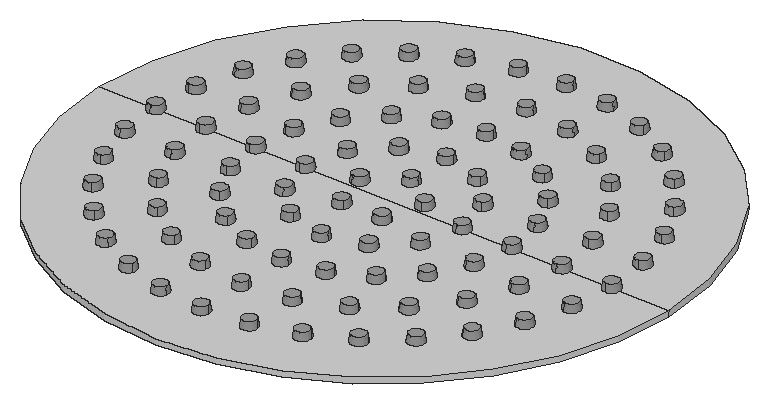
Revit family "Urbane II Rain Shower - 200mm Round", category Specialty Equipment, host Face, Revit 2019
Family settings
  Host = Face
  Round Connector Dimension = Use Radius
  Part Type = Normal
  OmniClass Number = 23.45.05.14.17
  OmniClass Title = Showers
  Cut with Voids When Loaded = No
  Shared = No
  Room Calculation Point = No
Parameters (values of type "Urbane II Rain Shower - 200mm Round - Chrome")
  URL = "https://www.caroma.com.au/"
  Model = "99663C4"
  Material_Spray = GWA-Plastic-General
  Material_Base = GWA_Metal-Chrome
  Manufacturer = "GWA Bathrooms & Kitchens"  # constant formula
  Description = "Urbane II Rain Shower - 200mm Round - Chrome"
  Default Elevation = 1000 mm
  CreatedBy_ANZRS = "GWA Bathrooms & Kitchens"  # constant formula
  Assembly Code = "D2010710"
Types (6, lengths in mm): name | Model | Material_Base | Description
  (no name) | "99663C4" | GWA_Metal-Chrome | "Urbane II Rain Shower - 200mm Round - Chrome"
  Urbane II Rain Shower - 200mm Round - Chrome | "99663C4" | GWA_Metal-Chrome | "Urbane II Rain Shower - 200mm Round - Chrome"
  Urbane II Rain Shower - 200mm Round - Matte Black | "99663B4" | GWA-Metal-Black | "Urbane II Rain Shower - 200mm Round - Matte Black"
  Urbane II Rain Shower - 200mm Round - Brushed Brass | "99663BB4" | GWA_Metal-Brushed-Brass | "Urbane II Rain Shower - 200mm Round - Brushed Brass"
  Urbane II Rain Shower - 200mm Round - Gunmetal | "99663GM4" | GWA-Metal-Gunmetal Grey | "Urbane II Rain Shower - 200mm Round - Gunmetal"
  Urbane II Rain Shower - 200mm Round - Brushed Nickel | "99663BN4" | GWA_Metal-Brushed-Nickel | "Urbane II Rain Shower - 200mm Round - Brushed Nickel"
Reference planes
  plane 1 "Center (Front/Back)": y = 0
  plane 2: z = 0
  plane 3 "Center (Left/Right)": x = 0
  plane 4 "Sprays": z = 44.1
Forms (mm)
  Revolve 1, solid, material "GWA_Metal-Chrome" <- "Material_Base"
    sketch origin (0, 0, 44.1) x (-1, 0, 0) y (0, 0, -1)
      loop
        line (0, 0) -> (100, 0) -> (100, 2) -> (91.828, 2)
        arc (91.828, 2) -> (90.118, 2.123) -> (88.442, 2.488) r 12
        line (88.442, 2.488) -> (79.858, 5.012)
        arc (79.858, 5.012) -> (78.182, 5.377) -> (76.472, 5.5) r 12
        line (76.472, 5.5) -> (0, 5.5) -> (0, 0)
      axis (0, 5.5) -> (0, 0)
    angle from 0 to 360
  Extrusion 2, solid, material "GWA_Metal-Chrome" <- "Material_Base"
    sketch origin (0, 0, 0) x (1, 0, 0) y (0, 1, 0)
      loop
        circle (0, 0) r 18.25
    from 20.3 to 38.6
  Revolve 3, solid, material "GWA_Metal-Chrome" <- "Material_Base"
    sketch origin (0, 0, 44.1) x (-1, 0, 0) y (0, 0, -1)
      loop
        line (0, 44.1) -> (-11.5, 44.1) -> (-11.5, 29.3) -> (-9, 28.6) -> (-9, 26.137)
        arc (-9, 26.137) -> (-10.937, 13.263) -> (0, 6.2) r 12
        line (0, 6.2) -> (0, 44.1)
      axis (0, 44.1) -> (0, 6.2)
    angle from 0 to 360
  Extrusion 4, void
    sketch origin (0, 0, 44.1) x (-1, 0, 0) y (0, 0, -1)
      loop
        line (-16, 34.3) -> (-16, 27.647) -> (-11, 27.647) -> (-11, 34.3) -> (-16, 34.3)
      loop
        line (16, 34.3) -> (11, 34.3) -> (11, 27.647) -> (16, 27.647) -> (16, 34.3)
    from -19.622 to 23.8
  Extrusion 5, void
    sketch origin (0, 0, 44.1) x (-1, 0, 0) y (0, 0, -1)
      loop
        line (-21.75, 25.341) -> (-21.75, 18.816) -> (-16.75, 18.816) -> (-16.75, 25.341) -> (-21.75, 25.341)
      loop
        line (21.75, 25.341) -> (16.75, 25.341) -> (16.75, 18.816) -> (21.75, 18.816) -> (21.75, 25.341)
    from -20 to 20
  Blend 6, solid, material "GWA-Plastic-General" <- "Material_Spray", detail levels fine
    base sketch origin (0, 12, 44.1) x (-1, 0, 0) y (0, -1, 0)
      loop
        circle (0, 0) r 2.7
    top sketch origin (0, 12, 44.1) x (-1, 0, 0) y (0, -1, 0)
      loop
        circle (0, 0) r 2.4
    from 0 to 2.5
  Blend 7, solid, material "GWA-Plastic-General" <- "Material_Spray", detail levels fine
    base sketch origin (0, 27.5, 44.1) x (-1, 0, 0) y (0, -1, 0)
      loop
        circle (0, 0) r 2.7
    top sketch origin (0, 27.5, 44.1) x (-1, 0, 0) y (0, -1, 0)
      loop
        circle (0, 0) r 2.4
    from 0 to 2.5
  Blend 8, solid, material "GWA-Plastic-General" <- "Material_Spray", detail levels fine
    base sketch origin (0, 45, 44.1) x (-1, 0, 0) y (0, -1, 0)
      loop
        circle (0, 0) r 2.7
    top sketch origin (0, 45, 44.1) x (-1, 0, 0) y (0, -1, 0)
      loop
        circle (0, 0) r 2.4
    from 0 to 2.5
  Blend 9, solid, material "GWA-Plastic-General" <- "Material_Spray", detail levels fine
    base sketch origin (0, 62.5, 44.1) x (-1, 0, 0) y (0, -1, 0)
      loop
        circle (0, 0) r 2.7
    top sketch origin (0, 62.5, 44.1) x (-1, 0, 0) y (0, -1, 0)
      loop
        circle (0, 0) r 2.4
    from 0 to 2.5
  Blend 10, solid, material "GWA-Plastic-General" <- "Material_Spray", detail levels fine
    base sketch origin (0, 80, 44.1) x (-1, 0, 0) y (0, -1, 0)
      loop
        circle (0, 0) r 2.7
    top sketch origin (0, 80, 44.1) x (-1, 0, 0) y (0, -1, 0)
      loop
        circle (0, 0) r 2.4
    from 0 to 2.5
  Blend 11, solid, material "GWA-Plastic-General" <- "Material_Spray", detail levels fine
    base sketch origin (11.413, 3.708, 44.1) x (-0.309017, 0.951057, 0) y (-0.951057, -0.309017, 0)
      loop
        circle (0, 0) r 2.7
    top sketch origin (11.413, 3.708, 44.1) x (-0.309017, 0.951057, 0) y (-0.951057, -0.309017, 0)
      loop
        circle (0, 0) r 2.4
    from 0 to 2.5
  Blend 12, solid, material "GWA-Plastic-General" <- "Material_Spray", detail levels fine
    base sketch origin (-11.413, 3.708, 44.1) x (-0.309017, -0.951057, 0) y (0.951057, -0.309017, 0)
      loop
        circle (0, 0) r 2.7
    top sketch origin (-11.413, 3.708, 44.1) x (-0.309017, -0.951057, 0) y (0.951057, -0.309017, 0)
      loop
        circle (0, 0) r 2.4
    from 0 to 2.5
  Blend 13, solid, material "GWA-Plastic-General" <- "Material_Spray", detail levels fine
    base sketch origin (-7.053, -9.708, 44.1) x (0.809017, -0.587785, 0) y (0.587785, 0.809017, 0)
      loop
        circle (0, 0) r 2.7
    top sketch origin (-7.053, -9.708, 44.1) x (0.809017, -0.587785, 0) y (0.587785, 0.809017, 0)
      loop
        circle (0, 0) r 2.4
    from 0 to 2.5
  Blend 14, solid, material "GWA-Plastic-General" <- "Material_Spray", detail levels fine
    base sketch origin (7.053, -9.708, 44.1) x (0.809017, 0.587785, 0) y (-0.587785, 0.809017, 0)
      loop
        circle (0, 0) r 2.7
    top sketch origin (7.053, -9.708, 44.1) x (0.809017, 0.587785, 0) y (-0.587785, 0.809017, 0)
      loop
        circle (0, 0) r 2.4
    from 0 to 2.5
  Blend 15, solid, material "GWA-Plastic-General" <- "Material_Spray", detail levels fine
    base sketch origin (13.75, 23.816, 44.1) x (-0.866025, 0.5, 0) y (-0.5, -0.866025, 0)
      loop
        circle (0, 0) r 2.7
    top sketch origin (13.75, 23.816, 44.1) x (-0.866025, 0.5, 0) y (-0.5, -0.866025, 0)
      loop
        circle (0, 0) r 2.4
    from 0 to 2.5
  Blend 16, solid, material "GWA-Plastic-General" <- "Material_Spray", detail levels fine
    base sketch origin (-13.75, 23.816, 44.1) x (-0.866025, -0.5, 0) y (0.5, -0.866025, 0)
      loop
        circle (0, 0) r 2.7
    top sketch origin (-13.75, 23.816, 44.1) x (-0.866025, -0.5, 0) y (0.5, -0.866025, 0)
      loop
        circle (0, 0) r 2.4
    from 0 to 2.5
  Blend 17, solid, material "GWA-Plastic-General" <- "Material_Spray", detail levels fine
    base sketch origin (-23.816, 13.75, 44.1) x (-0.5, -0.866025, 0) y (0.866025, -0.5, 0)
      loop
        circle (0, 0) r 2.7
    top sketch origin (-23.816, 13.75, 44.1) x (-0.5, -0.866025, 0) y (0.866025, -0.5, 0)
      loop
        circle (0, 0) r 2.4
    from 0 to 2.5
  Blend 18, solid, material "GWA-Plastic-General" <- "Material_Spray", detail levels fine
    base sketch origin (-27.5, 0, 44.1) x (0, -1, 0) y (1, 0, 0)
      loop
        circle (0, 0) r 2.7
    top sketch origin (-27.5, 0, 44.1) x (0, -1, 0) y (1, 0, 0)
      loop
        circle (0, 0) r 2.4
    from 0 to 2.5
  Blend 19, solid, material "GWA-Plastic-General" <- "Material_Spray", detail levels fine
    base sketch origin (-23.816, -13.75, 44.1) x (0.5, -0.866025, 0) y (0.866025, 0.5, 0)
      loop
        circle (0, 0) r 2.7
    top sketch origin (-23.816, -13.75, 44.1) x (0.5, -0.866025, 0) y (0.866025, 0.5, 0)
      loop
        circle (0, 0) r 2.4
    from 0 to 2.5
  Blend 20, solid, material "GWA-Plastic-General" <- "Material_Spray", detail levels fine
    base sketch origin (-13.75, -23.816, 44.1) x (0.866025, -0.5, 0) y (0.5, 0.866025, 0)
      loop
        circle (0, 0) r 2.7
    top sketch origin (-13.75, -23.816, 44.1) x (0.866025, -0.5, 0) y (0.5, 0.866025, 0)
      loop
        circle (0, 0) r 2.4
    from 0 to 2.5
  Blend 21, solid, material "GWA-Plastic-General" <- "Material_Spray", detail levels fine
    base sketch origin (0, -27.5, 44.1) x (1, 0, 0) y (0, 1, 0)
      loop
        circle (0, 0) r 2.7
    top sketch origin (0, -27.5, 44.1) x (1, 0, 0) y (0, 1, 0)
      loop
        circle (0, 0) r 2.4
    from 0 to 2.5
  Blend 22, solid, material "GWA-Plastic-General" <- "Material_Spray", detail levels fine
    base sketch origin (13.75, -23.816, 44.1) x (0.866025, 0.5, 0) y (-0.5, 0.866025, 0)
      loop
        circle (0, 0) r 2.7
    top sketch origin (13.75, -23.816, 44.1) x (0.866025, 0.5, 0) y (-0.5, 0.866025, 0)
      loop
        circle (0, 0) r 2.4
    from 0 to 2.5
  Blend 23, solid, material "GWA-Plastic-General" <- "Material_Spray", detail levels fine
    base sketch origin (23.816, -13.75, 44.1) x (0.5, 0.866025, 0) y (-0.866025, 0.5, 0)
      loop
        circle (0, 0) r 2.7
    top sketch origin (23.816, -13.75, 44.1) x (0.5, 0.866025, 0) y (-0.866025, 0.5, 0)
      loop
        circle (0, 0) r 2.4
    from 0 to 2.5
  Blend 24, solid, material "GWA-Plastic-General" <- "Material_Spray", detail levels fine
    base sketch origin (27.5, 0, 44.1) x (0, 1, 0) y (-1, 0, 0)
      loop
        circle (0, 0) r 2.7
    top sketch origin (27.5, 0, 44.1) x (0, 1, 0) y (-1, 0, 0)
      loop
        circle (0, 0) r 2.4
    from 0 to 2.5
  Blend 25, solid, material "GWA-Plastic-General" <- "Material_Spray", detail levels fine
    base sketch origin (23.816, 13.75, 44.1) x (-0.5, 0.866025, 0) y (-0.866025, -0.5, 0)
      loop
        circle (0, 0) r 2.7
    top sketch origin (23.816, 13.75, 44.1) x (-0.5, 0.866025, 0) y (-0.866025, -0.5, 0)
      loop
        circle (0, 0) r 2.4
    from 0 to 2.5
  Blend 26, solid, material "GWA-Plastic-General" <- "Material_Spray", detail levels fine
    base sketch origin (13.906, 42.798, 44.1) x (-0.951057, 0.309017, 0) y (-0.309017, -0.951057, 0)
      loop
        circle (0, 0) r 2.7
    top sketch origin (13.906, 42.798, 44.1) x (-0.951057, 0.309017, 0) y (-0.309017, -0.951057, 0)
      loop
        circle (0, 0) r 2.4
    from 0 to 2.5
  Blend 27, solid, material "GWA-Plastic-General" <- "Material_Spray", detail levels fine
    base sketch origin (-13.906, 42.798, 44.1) x (-0.951057, -0.309017, 0) y (0.309017, -0.951057, 0)
      loop
        circle (0, 0) r 2.7
    top sketch origin (-13.906, 42.798, 44.1) x (-0.951057, -0.309017, 0) y (0.309017, -0.951057, 0)
      loop
        circle (0, 0) r 2.4
    from 0 to 2.5
  Blend 28, solid, material "GWA-Plastic-General" <- "Material_Spray", detail levels fine
    base sketch origin (-26.45, 36.406, 44.1) x (-0.809017, -0.587785, 0) y (0.587785, -0.809017, 0)
      loop
        circle (0, 0) r 2.7
    top sketch origin (-26.45, 36.406, 44.1) x (-0.809017, -0.587785, 0) y (0.587785, -0.809017, 0)
      loop
        circle (0, 0) r 2.4
    from 0 to 2.5
  Blend 29, solid, material "GWA-Plastic-General" <- "Material_Spray", detail levels fine
    base sketch origin (-36.406, 26.45, 44.1) x (-0.587785, -0.809017, 0) y (0.809017, -0.587785, 0)
      loop
        circle (0, 0) r 2.7
    top sketch origin (-36.406, 26.45, 44.1) x (-0.587785, -0.809017, 0) y (0.809017, -0.587785, 0)
      loop
        circle (0, 0) r 2.4
    from 0 to 2.5
  Blend 30, solid, material "GWA-Plastic-General" <- "Material_Spray", detail levels fine
    base sketch origin (-42.798, 13.906, 44.1) x (-0.309017, -0.951057, 0) y (0.951057, -0.309017, 0)
      loop
        circle (0, 0) r 2.7
    top sketch origin (-42.798, 13.906, 44.1) x (-0.309017, -0.951057, 0) y (0.951057, -0.309017, 0)
      loop
        circle (0, 0) r 2.4
    from 0 to 2.5
  Blend 31, solid, material "GWA-Plastic-General" <- "Material_Spray", detail levels fine
    base sketch origin (-45, 0, 44.1) x (0, -1, 0) y (1, 0, 0)
      loop
        circle (0, 0) r 2.7
    top sketch origin (-45, 0, 44.1) x (0, -1, 0) y (1, 0, 0)
      loop
        circle (0, 0) r 2.4
    from 0 to 2.5
  Blend 32, solid, material "GWA-Plastic-General" <- "Material_Spray", detail levels fine
    base sketch origin (-42.798, -13.906, 44.1) x (0.309017, -0.951057, 0) y (0.951057, 0.309017, 0)
      loop
        circle (0, 0) r 2.7
    top sketch origin (-42.798, -13.906, 44.1) x (0.309017, -0.951057, 0) y (0.951057, 0.309017, 0)
      loop
        circle (0, 0) r 2.4
    from 0 to 2.5
  Blend 33, solid, material "GWA-Plastic-General" <- "Material_Spray", detail levels fine
    base sketch origin (-36.406, -26.45, 44.1) x (0.587785, -0.809017, 0) y (0.809017, 0.587785, 0)
      loop
        circle (0, 0) r 2.7
    top sketch origin (-36.406, -26.45, 44.1) x (0.587785, -0.809017, 0) y (0.809017, 0.587785, 0)
      loop
        circle (0, 0) r 2.4
    from 0 to 2.5
  Blend 34, solid, material "GWA-Plastic-General" <- "Material_Spray", detail levels fine
    base sketch origin (-26.45, -36.406, 44.1) x (0.809017, -0.587785, 0) y (0.587785, 0.809017, 0)
      loop
        circle (0, 0) r 2.7
    top sketch origin (-26.45, -36.406, 44.1) x (0.809017, -0.587785, 0) y (0.587785, 0.809017, 0)
      loop
        circle (0, 0) r 2.4
    from 0 to 2.5
  Blend 35, solid, material "GWA-Plastic-General" <- "Material_Spray", detail levels fine
    base sketch origin (-13.906, -42.798, 44.1) x (0.951057, -0.309017, 0) y (0.309017, 0.951057, 0)
      loop
        circle (0, 0) r 2.7
    top sketch origin (-13.906, -42.798, 44.1) x (0.951057, -0.309017, 0) y (0.309017, 0.951057, 0)
      loop
        circle (0, 0) r 2.4
    from 0 to 2.5
  Blend 36, solid, material "GWA-Plastic-General" <- "Material_Spray", detail levels fine
    base sketch origin (0, -45, 44.1) x (1, 0, 0) y (0, 1, 0)
      loop
        circle (0, 0) r 2.7
    top sketch origin (0, -45, 44.1) x (1, 0, 0) y (0, 1, 0)
      loop
        circle (0, 0) r 2.4
    from 0 to 2.5
  Blend 37, solid, material "GWA-Plastic-General" <- "Material_Spray", detail levels fine
    base sketch origin (13.906, -42.798, 44.1) x (0.951057, 0.309017, 0) y (-0.309017, 0.951057, 0)
      loop
        circle (0, 0) r 2.7
    top sketch origin (13.906, -42.798, 44.1) x (0.951057, 0.309017, 0) y (-0.309017, 0.951057, 0)
      loop
        circle (0, 0) r 2.4
    from 0 to 2.5
  Blend 38, solid, material "GWA-Plastic-General" <- "Material_Spray", detail levels fine
    base sketch origin (26.45, -36.406, 44.1) x (0.809017, 0.587785, 0) y (-0.587785, 0.809017, 0)
      loop
        circle (0, 0) r 2.7
    top sketch origin (26.45, -36.406, 44.1) x (0.809017, 0.587785, 0) y (-0.587785, 0.809017, 0)
      loop
        circle (0, 0) r 2.4
    from 0 to 2.5
  Blend 39, solid, material "GWA-Plastic-General" <- "Material_Spray", detail levels fine
    base sketch origin (36.406, -26.45, 44.1) x (0.587785, 0.809017, 0) y (-0.809017, 0.587785, 0)
      loop
        circle (0, 0) r 2.7
    top sketch origin (36.406, -26.45, 44.1) x (0.587785, 0.809017, 0) y (-0.809017, 0.587785, 0)
      loop
        circle (0, 0) r 2.4
    from 0 to 2.5
  Blend 40, solid, material "GWA-Plastic-General" <- "Material_Spray", detail levels fine
    base sketch origin (42.798, -13.906, 44.1) x (0.309017, 0.951057, 0) y (-0.951057, 0.309017, 0)
      loop
        circle (0, 0) r 2.7
    top sketch origin (42.798, -13.906, 44.1) x (0.309017, 0.951057, 0) y (-0.951057, 0.309017, 0)
      loop
        circle (0, 0) r 2.4
    from 0 to 2.5
  Blend 41, solid, material "GWA-Plastic-General" <- "Material_Spray", detail levels fine
    base sketch origin (45, 0, 44.1) x (0, 1, 0) y (-1, 0, 0)
      loop
        circle (0, 0) r 2.7
    top sketch origin (45, 0, 44.1) x (0, 1, 0) y (-1, 0, 0)
      loop
        circle (0, 0) r 2.4
    from 0 to 2.5
  Blend 42, solid, material "GWA-Plastic-General" <- "Material_Spray", detail levels fine
    base sketch origin (42.798, 13.906, 44.1) x (-0.309017, 0.951057, 0) y (-0.951057, -0.309017, 0)
      loop
        circle (0, 0) r 2.7
    top sketch origin (42.798, 13.906, 44.1) x (-0.309017, 0.951057, 0) y (-0.951057, -0.309017, 0)
      loop
        circle (0, 0) r 2.4
    from 0 to 2.5
  Blend 43, solid, material "GWA-Plastic-General" <- "Material_Spray", detail levels fine
    base sketch origin (36.406, 26.45, 44.1) x (-0.587785, 0.809017, 0) y (-0.809017, -0.587785, 0)
      loop
        circle (0, 0) r 2.7
    top sketch origin (36.406, 26.45, 44.1) x (-0.587785, 0.809017, 0) y (-0.809017, -0.587785, 0)
      loop
        circle (0, 0) r 2.4
    from 0 to 2.5
  Blend 44, solid, material "GWA-Plastic-General" <- "Material_Spray", detail levels fine
    base sketch origin (26.45, 36.406, 44.1) x (-0.809017, 0.587785, 0) y (-0.587785, -0.809017, 0)
      loop
        circle (0, 0) r 2.7
    top sketch origin (26.45, 36.406, 44.1) x (-0.809017, 0.587785, 0) y (-0.587785, -0.809017, 0)
      loop
        circle (0, 0) r 2.4
    from 0 to 2.5
  Blend 45, solid, material "GWA-Plastic-General" <- "Material_Spray", detail levels fine
    base sketch origin (16.176, 60.37, 44.1) x (-0.965926, 0.258819, 0) y (-0.258819, -0.965926, 0)
      loop
        circle (0, 0) r 2.7
    top sketch origin (16.176, 60.37, 44.1) x (-0.965926, 0.258819, 0) y (-0.258819, -0.965926, 0)
      loop
        circle (0, 0) r 2.4
    from 0 to 2.5
  Blend 46, solid, material "GWA-Plastic-General" <- "Material_Spray", detail levels fine
    base sketch origin (-16.176, 60.37, 44.1) x (-0.965926, -0.258819, 0) y (0.258819, -0.965926, 0)
      loop
        circle (0, 0) r 2.7
    top sketch origin (-16.176, 60.37, 44.1) x (-0.965926, -0.258819, 0) y (0.258819, -0.965926, 0)
      loop
        circle (0, 0) r 2.4
    from 0 to 2.5
  Blend 47, solid, material "GWA-Plastic-General" <- "Material_Spray", detail levels fine
    base sketch origin (-31.25, 54.127, 44.1) x (-0.866025, -0.5, 0) y (0.5, -0.866025, 0)
      loop
        circle (0, 0) r 2.7
    top sketch origin (-31.25, 54.127, 44.1) x (-0.866025, -0.5, 0) y (0.5, -0.866025, 0)
      loop
        circle (0, 0) r 2.4
    from 0 to 2.5
  Blend 48, solid, material "GWA-Plastic-General" <- "Material_Spray", detail levels fine
    base sketch origin (-44.194, 44.194, 44.1) x (-0.707107, -0.707107, 0) y (0.707107, -0.707107, 0)
      loop
        circle (0, 0) r 2.7
    top sketch origin (-44.194, 44.194, 44.1) x (-0.707107, -0.707107, 0) y (0.707107, -0.707107, 0)
      loop
        circle (0, 0) r 2.4
    from 0 to 2.5
  Blend 49, solid, material "GWA-Plastic-General" <- "Material_Spray", detail levels fine
    base sketch origin (-54.127, 31.25, 44.1) x (-0.5, -0.866025, 0) y (0.866025, -0.5, 0)
      loop
        circle (0, 0) r 2.7
    top sketch origin (-54.127, 31.25, 44.1) x (-0.5, -0.866025, 0) y (0.866025, -0.5, 0)
      loop
        circle (0, 0) r 2.4
    from 0 to 2.5
  Blend 50, solid, material "GWA-Plastic-General" <- "Material_Spray", detail levels fine
    base sketch origin (-60.37, 16.176, 44.1) x (-0.258819, -0.965926, 0) y (0.965926, -0.258819, 0)
      loop
        circle (0, 0) r 2.7
    top sketch origin (-60.37, 16.176, 44.1) x (-0.258819, -0.965926, 0) y (0.965926, -0.258819, 0)
      loop
        circle (0, 0) r 2.4
    from 0 to 2.5
  Blend 51, solid, material "GWA-Plastic-General" <- "Material_Spray", detail levels fine
    base sketch origin (-62.5, 0, 44.1) x (0, -1, 0) y (1, 0, 0)
      loop
        circle (0, 0) r 2.7
    top sketch origin (-62.5, 0, 44.1) x (0, -1, 0) y (1, 0, 0)
      loop
        circle (0, 0) r 2.4
    from 0 to 2.5
  Blend 52, solid, material "GWA-Plastic-General" <- "Material_Spray", detail levels fine
    base sketch origin (-60.37, -16.176, 44.1) x (0.258819, -0.965926, 0) y (0.965926, 0.258819, 0)
      loop
        circle (0, 0) r 2.7
    top sketch origin (-60.37, -16.176, 44.1) x (0.258819, -0.965926, 0) y (0.965926, 0.258819, 0)
      loop
        circle (0, 0) r 2.4
    from 0 to 2.5
  Blend 53, solid, material "GWA-Plastic-General" <- "Material_Spray", detail levels fine
    base sketch origin (-54.127, -31.25, 44.1) x (0.5, -0.866025, 0) y (0.866025, 0.5, 0)
      loop
        circle (0, 0) r 2.7
    top sketch origin (-54.127, -31.25, 44.1) x (0.5, -0.866025, 0) y (0.866025, 0.5, 0)
      loop
        circle (0, 0) r 2.4
    from 0 to 2.5
  Blend 54, solid, material "GWA-Plastic-General" <- "Material_Spray", detail levels fine
    base sketch origin (-44.194, -44.194, 44.1) x (0.707107, -0.707107, 0) y (0.707107, 0.707107, 0)
      loop
        circle (0, 0) r 2.7
    top sketch origin (-44.194, -44.194, 44.1) x (0.707107, -0.707107, 0) y (0.707107, 0.707107, 0)
      loop
        circle (0, 0) r 2.4
    from 0 to 2.5
  Blend 55, solid, material "GWA-Plastic-General" <- "Material_Spray", detail levels fine
    base sketch origin (-31.25, -54.127, 44.1) x (0.866025, -0.5, 0) y (0.5, 0.866025, 0)
      loop
        circle (0, 0) r 2.7
    top sketch origin (-31.25, -54.127, 44.1) x (0.866025, -0.5, 0) y (0.5, 0.866025, 0)
      loop
        circle (0, 0) r 2.4
    from 0 to 2.5
  Blend 56, solid, material "GWA-Plastic-General" <- "Material_Spray", detail levels fine
    base sketch origin (-16.176, -60.37, 44.1) x (0.965926, -0.258819, 0) y (0.258819, 0.965926, 0)
      loop
        circle (0, 0) r 2.7
    top sketch origin (-16.176, -60.37, 44.1) x (0.965926, -0.258819, 0) y (0.258819, 0.965926, 0)
      loop
        circle (0, 0) r 2.4
    from 0 to 2.5
  Blend 57, solid, material "GWA-Plastic-General" <- "Material_Spray", detail levels fine
    base sketch origin (0, -62.5, 44.1) x (1, 0, 0) y (0, 1, 0)
      loop
        circle (0, 0) r 2.7
    top sketch origin (0, -62.5, 44.1) x (1, 0, 0) y (0, 1, 0)
      loop
        circle (0, 0) r 2.4
    from 0 to 2.5
  Blend 58, solid, material "GWA-Plastic-General" <- "Material_Spray", detail levels fine
    base sketch origin (16.176, -60.37, 44.1) x (0.965926, 0.258819, 0) y (-0.258819, 0.965926, 0)
      loop
        circle (0, 0) r 2.7
    top sketch origin (16.176, -60.37, 44.1) x (0.965926, 0.258819, 0) y (-0.258819, 0.965926, 0)
      loop
        circle (0, 0) r 2.4
    from 0 to 2.5
  Blend 59, solid, material "GWA-Plastic-General" <- "Material_Spray", detail levels fine
    base sketch origin (31.25, -54.127, 44.1) x (0.866025, 0.5, 0) y (-0.5, 0.866025, 0)
      loop
        circle (0, 0) r 2.7
    top sketch origin (31.25, -54.127, 44.1) x (0.866025, 0.5, 0) y (-0.5, 0.866025, 0)
      loop
        circle (0, 0) r 2.4
    from 0 to 2.5
  Blend 60, solid, material "GWA-Plastic-General" <- "Material_Spray", detail levels fine
    base sketch origin (44.194, -44.194, 44.1) x (0.707107, 0.707107, 0) y (-0.707107, 0.707107, 0)
      loop
        circle (0, 0) r 2.7
    top sketch origin (44.194, -44.194, 44.1) x (0.707107, 0.707107, 0) y (-0.707107, 0.707107, 0)
      loop
        circle (0, 0) r 2.4
    from 0 to 2.5
  Blend 61, solid, material "GWA-Plastic-General" <- "Material_Spray", detail levels fine
    base sketch origin (54.127, -31.25, 44.1) x (0.5, 0.866025, 0) y (-0.866025, 0.5, 0)
      loop
        circle (0, 0) r 2.7
    top sketch origin (54.127, -31.25, 44.1) x (0.5, 0.866025, 0) y (-0.866025, 0.5, 0)
      loop
        circle (0, 0) r 2.4
    from 0 to 2.5
  Blend 62, solid, material "GWA-Plastic-General" <- "Material_Spray", detail levels fine
    base sketch origin (60.37, -16.176, 44.1) x (0.258819, 0.965926, 0) y (-0.965926, 0.258819, 0)
      loop
        circle (0, 0) r 2.7
    top sketch origin (60.37, -16.176, 44.1) x (0.258819, 0.965926, 0) y (-0.965926, 0.258819, 0)
      loop
        circle (0, 0) r 2.4
    from 0 to 2.5
  Blend 63, solid, material "GWA-Plastic-General" <- "Material_Spray", detail levels fine
    base sketch origin (62.5, 0, 44.1) x (0, 1, 0) y (-1, 0, 0)
      loop
        circle (0, 0) r 2.7
    top sketch origin (62.5, 0, 44.1) x (0, 1, 0) y (-1, 0, 0)
      loop
        circle (0, 0) r 2.4
    from 0 to 2.5
  Blend 64, solid, material "GWA-Plastic-General" <- "Material_Spray", detail levels fine
    base sketch origin (60.37, 16.176, 44.1) x (-0.258819, 0.965926, 0) y (-0.965926, -0.258819, 0)
      loop
        circle (0, 0) r 2.7
    top sketch origin (60.37, 16.176, 44.1) x (-0.258819, 0.965926, 0) y (-0.965926, -0.258819, 0)
      loop
        circle (0, 0) r 2.4
    from 0 to 2.5
  Blend 65, solid, material "GWA-Plastic-General" <- "Material_Spray", detail levels fine
    base sketch origin (54.127, 31.25, 44.1) x (-0.5, 0.866025, 0) y (-0.866025, -0.5, 0)
      loop
        circle (0, 0) r 2.7
    top sketch origin (54.127, 31.25, 44.1) x (-0.5, 0.866025, 0) y (-0.866025, -0.5, 0)
      loop
        circle (0, 0) r 2.4
    from 0 to 2.5
  Blend 66, solid, material "GWA-Plastic-General" <- "Material_Spray", detail levels fine
    base sketch origin (44.194, 44.194, 44.1) x (-0.707107, 0.707107, 0) y (-0.707107, -0.707107, 0)
      loop
        circle (0, 0) r 2.7
    top sketch origin (44.194, 44.194, 44.1) x (-0.707107, 0.707107, 0) y (-0.707107, -0.707107, 0)
      loop
        circle (0, 0) r 2.4
    from 0 to 2.5
  Blend 67, solid, material "GWA-Plastic-General" <- "Material_Spray", detail levels fine
    base sketch origin (31.25, 54.127, 44.1) x (-0.866025, 0.5, 0) y (-0.5, -0.866025, 0)
      loop
        circle (0, 0) r 2.7
    top sketch origin (31.25, 54.127, 44.1) x (-0.866025, 0.5, 0) y (-0.5, -0.866025, 0)
      loop
        circle (0, 0) r 2.4
    from 0 to 2.5
  Blend 68, solid, material "GWA-Plastic-General" <- "Material_Spray", detail levels fine
    base sketch origin (15.607, 78.463, 44.1) x (-0.980785, 0.19509, 0) y (-0.19509, -0.980785, 0)
      loop
        circle (0, 0) r 2.7
    top sketch origin (15.607, 78.463, 44.1) x (-0.980785, 0.19509, 0) y (-0.19509, -0.980785, 0)
      loop
        circle (0, 0) r 2.4
    from 0 to 2.5
  Blend 69, solid, material "GWA-Plastic-General" <- "Material_Spray", detail levels fine
    base sketch origin (-15.607, 78.463, 44.1) x (-0.980785, -0.19509, 0) y (0.19509, -0.980785, 0)
      loop
        circle (0, 0) r 2.7
    top sketch origin (-15.607, 78.463, 44.1) x (-0.980785, -0.19509, 0) y (0.19509, -0.980785, 0)
      loop
        circle (0, 0) r 2.4
    from 0 to 2.5
  Blend 70, solid, material "GWA-Plastic-General" <- "Material_Spray", detail levels fine
    base sketch origin (-30.615, 73.91, 44.1) x (-0.92388, -0.382683, 0) y (0.382683, -0.92388, 0)
      loop
        circle (0, 0) r 2.7
    top sketch origin (-30.615, 73.91, 44.1) x (-0.92388, -0.382683, 0) y (0.382683, -0.92388, 0)
      loop
        circle (0, 0) r 2.4
    from 0 to 2.5
  Blend 71, solid, material "GWA-Plastic-General" <- "Material_Spray", detail levels fine
    base sketch origin (-44.446, 66.518, 44.1) x (-0.83147, -0.55557, 0) y (0.55557, -0.83147, 0)
      loop
        circle (0, 0) r 2.7
    top sketch origin (-44.446, 66.518, 44.1) x (-0.83147, -0.55557, 0) y (0.55557, -0.83147, 0)
      loop
        circle (0, 0) r 2.4
    from 0 to 2.5
  Blend 72, solid, material "GWA-Plastic-General" <- "Material_Spray", detail levels fine
    base sketch origin (-56.569, 56.569, 44.1) x (-0.707107, -0.707107, 0) y (0.707107, -0.707107, 0)
      loop
        circle (0, 0) r 2.7
    top sketch origin (-56.569, 56.569, 44.1) x (-0.707107, -0.707107, 0) y (0.707107, -0.707107, 0)
      loop
        circle (0, 0) r 2.4
    from 0 to 2.5
  Blend 73, solid, material "GWA-Plastic-General" <- "Material_Spray", detail levels fine
    base sketch origin (-66.518, 44.446, 44.1) x (-0.55557, -0.83147, 0) y (0.83147, -0.55557, 0)
      loop
        circle (0, 0) r 2.7
    top sketch origin (-66.518, 44.446, 44.1) x (-0.55557, -0.83147, 0) y (0.83147, -0.55557, 0)
      loop
        circle (0, 0) r 2.4
    from 0 to 2.5
  Blend 74, solid, material "GWA-Plastic-General" <- "Material_Spray", detail levels fine
    base sketch origin (-73.91, 30.615, 44.1) x (-0.382683, -0.92388, 0) y (0.92388, -0.382683, 0)
      loop
        circle (0, 0) r 2.7
    top sketch origin (-73.91, 30.615, 44.1) x (-0.382683, -0.92388, 0) y (0.92388, -0.382683, 0)
      loop
        circle (0, 0) r 2.4
    from 0 to 2.5
  Blend 75, solid, material "GWA-Plastic-General" <- "Material_Spray", detail levels fine
    base sketch origin (-78.463, 15.607, 44.1) x (-0.19509, -0.980785, 0) y (0.980785, -0.19509, 0)
      loop
        circle (0, 0) r 2.7
    top sketch origin (-78.463, 15.607, 44.1) x (-0.19509, -0.980785, 0) y (0.980785, -0.19509, 0)
      loop
        circle (0, 0) r 2.4
    from 0 to 2.5
  Blend 76, solid, material "GWA-Plastic-General" <- "Material_Spray", detail levels fine
    base sketch origin (-80, 0, 44.1) x (0, -1, 0) y (1, 0, 0)
      loop
        circle (0, 0) r 2.7
    top sketch origin (-80, 0, 44.1) x (0, -1, 0) y (1, 0, 0)
      loop
        circle (0, 0) r 2.4
    from 0 to 2.5
  Blend 77, solid, material "GWA-Plastic-General" <- "Material_Spray", detail levels fine
    base sketch origin (-78.463, -15.607, 44.1) x (0.19509, -0.980785, 0) y (0.980785, 0.19509, 0)
      loop
        circle (0, 0) r 2.7
    top sketch origin (-78.463, -15.607, 44.1) x (0.19509, -0.980785, 0) y (0.980785, 0.19509, 0)
      loop
        circle (0, 0) r 2.4
    from 0 to 2.5
  Blend 78, solid, material "GWA-Plastic-General" <- "Material_Spray", detail levels fine
    base sketch origin (-73.91, -30.615, 44.1) x (0.382683, -0.92388, 0) y (0.92388, 0.382683, 0)
      loop
        circle (0, 0) r 2.7
    top sketch origin (-73.91, -30.615, 44.1) x (0.382683, -0.92388, 0) y (0.92388, 0.382683, 0)
      loop
        circle (0, 0) r 2.4
    from 0 to 2.5
  Blend 79, solid, material "GWA-Plastic-General" <- "Material_Spray", detail levels fine
    base sketch origin (-66.518, -44.446, 44.1) x (0.55557, -0.83147, 0) y (0.83147, 0.55557, 0)
      loop
        circle (0, 0) r 2.7
    top sketch origin (-66.518, -44.446, 44.1) x (0.55557, -0.83147, 0) y (0.83147, 0.55557, 0)
      loop
        circle (0, 0) r 2.4
    from 0 to 2.5
  Blend 80, solid, material "GWA-Plastic-General" <- "Material_Spray", detail levels fine
    base sketch origin (-56.569, -56.569, 44.1) x (0.707107, -0.707107, 0) y (0.707107, 0.707107, 0)
      loop
        circle (0, 0) r 2.7
    top sketch origin (-56.569, -56.569, 44.1) x (0.707107, -0.707107, 0) y (0.707107, 0.707107, 0)
      loop
        circle (0, 0) r 2.4
    from 0 to 2.5
  Blend 81, solid, material "GWA-Plastic-General" <- "Material_Spray", detail levels fine
    base sketch origin (-44.446, -66.518, 44.1) x (0.83147, -0.55557, 0) y (0.55557, 0.83147, 0)
      loop
        circle (0, 0) r 2.7
    top sketch origin (-44.446, -66.518, 44.1) x (0.83147, -0.55557, 0) y (0.55557, 0.83147, 0)
      loop
        circle (0, 0) r 2.4
    from 0 to 2.5
  Blend 82, solid, material "GWA-Plastic-General" <- "Material_Spray", detail levels fine
    base sketch origin (-30.615, -73.91, 44.1) x (0.92388, -0.382683, 0) y (0.382683, 0.92388, 0)
      loop
        circle (0, 0) r 2.7
    top sketch origin (-30.615, -73.91, 44.1) x (0.92388, -0.382683, 0) y (0.382683, 0.92388, 0)
      loop
        circle (0, 0) r 2.4
    from 0 to 2.5
  Blend 83, solid, material "GWA-Plastic-General" <- "Material_Spray", detail levels fine
    base sketch origin (-15.607, -78.463, 44.1) x (0.980785, -0.19509, 0) y (0.19509, 0.980785, 0)
      loop
        circle (0, 0) r 2.7
    top sketch origin (-15.607, -78.463, 44.1) x (0.980785, -0.19509, 0) y (0.19509, 0.980785, 0)
      loop
        circle (0, 0) r 2.4
    from 0 to 2.5
  Blend 84, solid, material "GWA-Plastic-General" <- "Material_Spray", detail levels fine
    base sketch origin (0, -80, 44.1) x (1, 0, 0) y (0, 1, 0)
      loop
        circle (0, 0) r 2.7
    top sketch origin (0, -80, 44.1) x (1, 0, 0) y (0, 1, 0)
      loop
        circle (0, 0) r 2.4
    from 0 to 2.5
  Blend 85, solid, material "GWA-Plastic-General" <- "Material_Spray", detail levels fine
    base sketch origin (15.607, -78.463, 44.1) x (0.980785, 0.19509, 0) y (-0.19509, 0.980785, 0)
      loop
        circle (0, 0) r 2.7
    top sketch origin (15.607, -78.463, 44.1) x (0.980785, 0.19509, 0) y (-0.19509, 0.980785, 0)
      loop
        circle (0, 0) r 2.4
    from 0 to 2.5
  Blend 86, solid, material "GWA-Plastic-General" <- "Material_Spray", detail levels fine
    base sketch origin (30.615, -73.91, 44.1) x (0.92388, 0.382683, 0) y (-0.382683, 0.92388, 0)
      loop
        circle (0, 0) r 2.7
    top sketch origin (30.615, -73.91, 44.1) x (0.92388, 0.382683, 0) y (-0.382683, 0.92388, 0)
      loop
        circle (0, 0) r 2.4
    from 0 to 2.5
  Blend 87, solid, material "GWA-Plastic-General" <- "Material_Spray", detail levels fine
    base sketch origin (44.446, -66.518, 44.1) x (0.83147, 0.55557, 0) y (-0.55557, 0.83147, 0)
      loop
        circle (0, 0) r 2.7
    top sketch origin (44.446, -66.518, 44.1) x (0.83147, 0.55557, 0) y (-0.55557, 0.83147, 0)
      loop
        circle (0, 0) r 2.4
    from 0 to 2.5
  Blend 88, solid, material "GWA-Plastic-General" <- "Material_Spray", detail levels fine
    base sketch origin (56.569, -56.569, 44.1) x (0.707107, 0.707107, 0) y (-0.707107, 0.707107, 0)
      loop
        circle (0, 0) r 2.7
    top sketch origin (56.569, -56.569, 44.1) x (0.707107, 0.707107, 0) y (-0.707107, 0.707107, 0)
      loop
        circle (0, 0) r 2.4
    from 0 to 2.5
  Blend 89, solid, material "GWA-Plastic-General" <- "Material_Spray", detail levels fine
    base sketch origin (66.518, -44.446, 44.1) x (0.55557, 0.83147, 0) y (-0.83147, 0.55557, 0)
      loop
        circle (0, 0) r 2.7
    top sketch origin (66.518, -44.446, 44.1) x (0.55557, 0.83147, 0) y (-0.83147, 0.55557, 0)
      loop
        circle (0, 0) r 2.4
    from 0 to 2.5
  Blend 90, solid, material "GWA-Plastic-General" <- "Material_Spray", detail levels fine
    base sketch origin (73.91, -30.615, 44.1) x (0.382683, 0.92388, 0) y (-0.92388, 0.382683, 0)
      loop
        circle (0, 0) r 2.7
    top sketch origin (73.91, -30.615, 44.1) x (0.382683, 0.92388, 0) y (-0.92388, 0.382683, 0)
      loop
        circle (0, 0) r 2.4
    from 0 to 2.5
  Blend 91, solid, material "GWA-Plastic-General" <- "Material_Spray", detail levels fine
    base sketch origin (78.463, -15.607, 44.1) x (0.19509, 0.980785, 0) y (-0.980785, 0.19509, 0)
      loop
        circle (0, 0) r 2.7
    top sketch origin (78.463, -15.607, 44.1) x (0.19509, 0.980785, 0) y (-0.980785, 0.19509, 0)
      loop
        circle (0, 0) r 2.4
    from 0 to 2.5
  Blend 92, solid, material "GWA-Plastic-General" <- "Material_Spray", detail levels fine
    base sketch origin (80, 0, 44.1) x (0, 1, 0) y (-1, 0, 0)
      loop
        circle (0, 0) r 2.7
    top sketch origin (80, 0, 44.1) x (0, 1, 0) y (-1, 0, 0)
      loop
        circle (0, 0) r 2.4
    from 0 to 2.5
  Blend 93, solid, material "GWA-Plastic-General" <- "Material_Spray", detail levels fine
    base sketch origin (78.463, 15.607, 44.1) x (-0.19509, 0.980785, 0) y (-0.980785, -0.19509, 0)
      loop
        circle (0, 0) r 2.7
    top sketch origin (78.463, 15.607, 44.1) x (-0.19509, 0.980785, 0) y (-0.980785, -0.19509, 0)
      loop
        circle (0, 0) r 2.4
    from 0 to 2.5
  Blend 94, solid, material "GWA-Plastic-General" <- "Material_Spray", detail levels fine
    base sketch origin (73.91, 30.615, 44.1) x (-0.382683, 0.92388, 0) y (-0.92388, -0.382683, 0)
      loop
        circle (0, 0) r 2.7
    top sketch origin (73.91, 30.615, 44.1) x (-0.382683, 0.92388, 0) y (-0.92388, -0.382683, 0)
      loop
        circle (0, 0) r 2.4
    from 0 to 2.5
  Blend 95, solid, material "GWA-Plastic-General" <- "Material_Spray", detail levels fine
    base sketch origin (66.518, 44.446, 44.1) x (-0.55557, 0.83147, 0) y (-0.83147, -0.55557, 0)
      loop
        circle (0, 0) r 2.7
    top sketch origin (66.518, 44.446, 44.1) x (-0.55557, 0.83147, 0) y (-0.83147, -0.55557, 0)
      loop
        circle (0, 0) r 2.4
    from 0 to 2.5
  Blend 96, solid, material "GWA-Plastic-General" <- "Material_Spray", detail levels fine
    base sketch origin (56.569, 56.569, 44.1) x (-0.707107, 0.707107, 0) y (-0.707107, -0.707107, 0)
      loop
        circle (0, 0) r 2.7
    top sketch origin (56.569, 56.569, 44.1) x (-0.707107, 0.707107, 0) y (-0.707107, -0.707107, 0)
      loop
        circle (0, 0) r 2.4
    from 0 to 2.5
  Blend 97, solid, material "GWA-Plastic-General" <- "Material_Spray", detail levels fine
    base sketch origin (44.446, 66.518, 44.1) x (-0.83147, 0.55557, 0) y (-0.55557, -0.83147, 0)
      loop
        circle (0, 0) r 2.7
    top sketch origin (44.446, 66.518, 44.1) x (-0.83147, 0.55557, 0) y (-0.55557, -0.83147, 0)
      loop
        circle (0, 0) r 2.4
    from 0 to 2.5
  Blend 98, solid, material "GWA-Plastic-General" <- "Material_Spray", detail levels fine
    base sketch origin (30.615, 73.91, 44.1) x (-0.92388, 0.382683, 0) y (-0.382683, -0.92388, 0)
      loop
        circle (0, 0) r 2.7
    top sketch origin (30.615, 73.91, 44.1) x (-0.92388, 0.382683, 0) y (-0.382683, -0.92388, 0)
      loop
        circle (0, 0) r 2.4
    from 0 to 2.5
  Extrusion 99, void
    sketch origin (0, 0, 0) x (1, 0, 0) y (0, 0, 1)
      loop
        circle (0, 28.8) r 2
    from -17.3 to -20
Cuts and joins
  Extrusion 4 cuts Revolve 3
  Extrusion 5, Extrusion 99 cuts Extrusion 2
Lines and regions (mm)
  Masking region 1
    outline origin (0, 0, 0) x (1, 0, 0) y (0, 0, 1)
      loop
        line (-100, 44.1) -> (-100, 42.1) -> (-91.828, 42.1)
        arc (-91.828, 42.1) -> (-90.118, 41.977) -> (-88.442, 41.612) r 12
        line (-88.442, 41.612) -> (-79.858, 39.088)
        arc (-79.858, 39.088) -> (-78.182, 38.723) -> (-76.472, 38.6) r 12
        line (-76.472, 38.6) -> (-18.25, 38.6) -> (-18.25, 20.3) -> (-10.613, 20.3)
        arc (-10.613, 20.3) -> (-9.876, 19.083) -> (-9, 17.963) r 12
        line (-9, 17.963) -> (-9, 15.5) -> (-11.5, 14.8) -> (-11.5, 0) -> (11.5, 0) -> (11.5, 14.8) -> (9, 15.5) -> (9, 17.963)
        arc (9, 17.963) -> (9.876, 19.083) -> (10.613, 20.3) r 12
        line (10.613, 20.3) -> (18.25, 20.3) -> (18.25, 38.6) -> (76.472, 38.6)
        arc (76.472, 38.6) -> (78.182, 38.723) -> (79.858, 39.088) r 12
        line (79.858, 39.088) -> (88.442, 41.612)
        arc (88.442, 41.612) -> (90.118, 41.977) -> (91.828, 42.1) r 12
        line (91.828, 42.1) -> (100, 42.1) -> (100, 44.1) -> (-100, 44.1)
  Masking region 2
    outline origin (0, 0, 0) x (0, 1, 0) y (0, 0, 1)
      loop
        line (100, 44.1) -> (-100, 44.1) -> (-100, 42.1) -> (-91.828, 42.1)
        arc (-91.828, 42.1) -> (-90.118, 41.977) -> (-88.442, 41.612) r 12
        line (-88.442, 41.612) -> (-79.858, 39.088)
        arc (-79.858, 39.088) -> (-78.182, 38.723) -> (-76.472, 38.6) r 12
        line (-76.472, 38.6) -> (-18.25, 38.6) -> (-18.25, 20.3) -> (-10.613, 20.3)
        arc (-10.613, 20.3) -> (-9.876, 19.083) -> (-9, 17.963) r 12
        line (-9, 17.963) -> (-9, 15.5) -> (-11.5, 14.8) -> (-11.5, 0) -> (11.5, 0) -> (11.5, 14.8) -> (9, 15.5) -> (9, 17.963)
        arc (9, 17.963) -> (9.876, 19.083) -> (10.613, 20.3) r 12
        line (10.613, 20.3) -> (18.25, 20.3) -> (18.25, 38.6) -> (76.472, 38.6)
        arc (76.472, 38.6) -> (78.182, 38.723) -> (79.858, 39.088) r 12
        line (79.858, 39.088) -> (88.442, 41.612)
        arc (88.442, 41.612) -> (90.118, 41.977) -> (91.828, 42.1) r 12
        line (91.828, 42.1) -> (100, 42.1) -> (100, 44.1)
  Masking region 3
    outline origin (0, 0, 44.1) x (-1, 0, 0) y (0, -1, 0)
      loop
        circle (0, 0) r 100
  symbolic lines
    curve 1: line (-100, 0, 44.1) -> (100, 0, 44.1)
    curve 2: line (-100, 0, 42.1) -> (-100, 0, 44.1)
    curve 3: line (100, 0, 42.1) -> (-100, 0, 42.1)
    curve 4: line (100, 0, 44.1) -> (100, 0, 42.1)
    curve 5: line (-18.25, 0, 20.3) -> (-18.25, 0, 38.6)
    curve 6: line (18.25, 0, 20.3) -> (-18.25, 0, 20.3)
    curve 7: line (18.25, 0, 38.6) -> (18.25, 0, 20.3)
    curve 8: line (-11.5, 0, 14.8) -> (11.5, 0, 14.8)
    curve 9: line (11.5, 0, 0) -> (11.5, 0, 14.8)
    curve 10: line (-11.5, 0, 0) -> (-11.5, 0, 14.8)
    curve 11: line (-11.5, 0, 0) -> (11.5, 0, 0)
    curve 12: line (-9, 0, 17.963) -> (9, 0, 17.963)
    curve 13: line (-9, 0, 15.5) -> (-9, 0, 17.963)
    curve 14: line (9, 0, 15.5) -> (-9, 0, 15.5)
    curve 15: line (9, 0, 17.963) -> (9, 0, 15.5)
    curve 16: arc (-9, 0, 17.963) -> (-9.876, 0, 19.083) -> (-10.613, 0, 20.3) r 12
    curve 17: arc (10.613, 0, 20.3) -> (9.876, 0, 19.083) -> (9, 0, 17.963) r 12
    curve 18: line (-11.5, 0, 14.8) -> (-9, 0, 15.5)
    curve 19: line (9, 0, 15.5) -> (11.5, 0, 14.8)
    curve 20: line (-76.472, 0, 38.6) -> (76.472, 0, 38.6)
    curve 21: line (-79.858, 0, 39.088) -> (-88.442, 0, 41.612)
    curve 22: arc (-91.828, 0, 42.1) -> (-90.118, 0, 41.977) -> (-88.442, 0, 41.612) r 12
    curve 23: arc (-79.858, 0, 39.088) -> (-78.182, 0, 38.723) -> (-76.472, 0, 38.6) r 12
    curve 24: line (79.858, 0, 39.088) -> (88.442, 0, 41.612)
    curve 25: arc (91.828, 0, 42.1) -> (90.118, 0, 41.977) -> (88.442, 0, 41.612) r 12
    curve 26: arc (79.858, 0, 39.088) -> (78.182, 0, 38.723) -> (76.472, 0, 38.6) r 12
    curve 27: line (0, -100, 42.1) -> (0, 100, 42.1)
    curve 28: line (0, -100, 44.1) -> (0, -100, 42.1)
    curve 29: line (0, 100, 44.1) -> (0, -100, 44.1)
    curve 30: line (0, 100, 42.1) -> (0, 100, 44.1)
    curve 31: line (0, -11.5, 0) -> (0, 11.5, 0)
    curve 32: line (0, 11.5, 0) -> (0, 11.5, 14.8)
    curve 33: line (0, 11.5, 14.8) -> (0, 9, 15.5)
    curve 34: line (0, 9, 15.5) -> (0, -9, 15.5)
    curve 35: line (0, -9, 15.5) -> (0, -11.5, 14.8)
    curve 36: line (0, -11.5, 14.8) -> (0, -11.5, 0)
    curve 37: line (0, -11.5, 14.8) -> (0, 11.5, 14.8)
    curve 38: line (0, -9, 17.963) -> (0, 9, 17.963)
    curve 39: line (0, 9, 17.963) -> (0, 9, 15.5)
    curve 40: line (0, -9, 17.963) -> (0, -9, 15.5)
    curve 41: line (0, -18.25, 38.6) -> (0, -18.25, 20.3)
    curve 42: line (0, -18.25, 20.3) -> (0, 18.25, 20.3)
    curve 43: line (0, 18.25, 20.3) -> (0, 18.25, 38.6)
    curve 44: line (0, -7.246, 20.3) -> (0, -7.246, 25.284)
    curve 45: line (0, -7.246, 25.284) -> (0, 7.246, 25.284)
    curve 46: line (0, 7.246, 25.284) -> (0, 7.246, 20.3)
    curve 47: arc (0, -9, 17.963) -> (0, -9.876, 19.083) -> (0, -10.613, 20.3) r 12
    curve 48: arc (0, 10.613, 20.3) -> (0, 9.876, 19.083) -> (0, 9, 17.963) r 12
    curve 49: line (0, -3.354, 14.8) -> (0, -3.354, 9.8)
    curve 50: line (0, -3.354, 9.8) -> (0, 3.354, 9.8)
    curve 51: line (0, 3.354, 9.8) -> (0, 3.354, 14.8)
    curve 52: line (0, -76.472, 38.6) -> (0, 76.472, 38.6)
    curve 53: line (0, -79.858, 39.088) -> (0, -88.442, 41.612)
    curve 54: arc (0, -76.472, 38.6) -> (0, -78.182, 38.723) -> (0, -79.858, 39.088) r 12
    curve 55: arc (0, -88.442, 41.612) -> (0, -90.118, 41.977) -> (0, -91.828, 42.1) r 12
    curve 56: line (0, 79.858, 39.088) -> (0, 88.442, 41.612)
    curve 57: arc (0, 76.472, 38.6) -> (0, 78.182, 38.723) -> (0, 79.858, 39.088) r 12
    curve 58: arc (0, 88.442, 41.612) -> (0, 90.118, 41.977) -> (0, 91.828, 42.1) r 12
    curve 59: circle (0, 0, 44.1) r 100 normal (0, 0, 1)
    curve 60: circle (0, 0, 44.1) r 11.5 normal (0, 0, 1)
    curve 61: circle (0, 0, 44.1) r 18.25 normal (0, 0, 1)
Dimensions and locks
  aligned and locked: plane 2 to host face
  aligned and locked: level to host face
